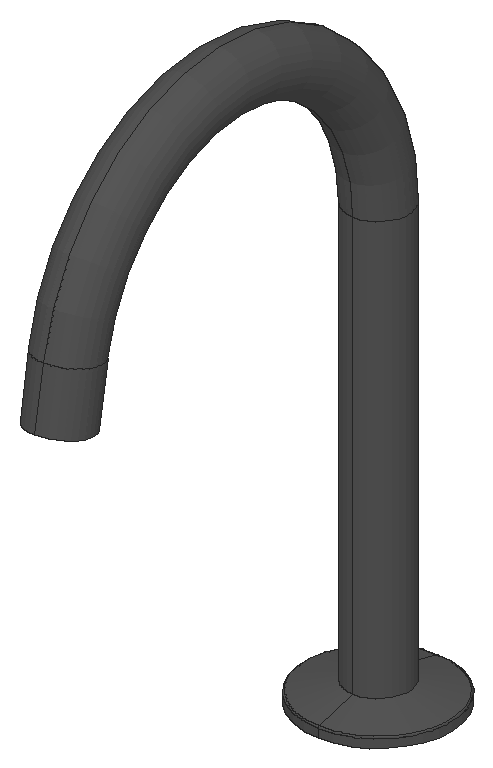
Revit family "Faucet-Lavatory-Spout-KOHLER-COMPONENTS-K-77967T_1", category Plumbing Fixtures, host Face, Revit 2017
Family settings
  Host = Face
  Round Connector Dimension = Use Diameter
  Part Type = Normal
  OmniClass Number = 23.31.11.00
  OmniClass Title = Faucets
  Cut with Voids When Loaded = No
  Shared = No
  Room Calculation Point = No
Parameters (values of type "BL-Matte_Black")
  Width = 2 3/8"  # constant formula
  Waste Water Outlet = "Waste Water Outlet"  # constant formula
  Waste Connection = 1 = 0  # no
  Vent Connection = 1 = 0  # no
  URL = "http://www.kohler.com.cn/"
  Type = 1
  Spout Reach = 6 5/16"  # constant formula
  Product Page URL = "https://www.kohler.com.cn/product/K-77967T-MU-BL/K-77967T-MU-BL/"
  Product Name = "COMPONENTS\r\n"  # constant formula
  Product Documentation Link = "https://files.kohler.com.cn/pdfs/1565148624807_1287329-2-C(77965T%2077966T%2023887T%2077967T%2077968T%2077969T%20%2077990T-4%20%2077990T-8&8MU%20%2077990T-9).pdf"
  Pressure = 0.00 psi
  Model = "K-77967T-MU-BL"  # constant formula
  Material = "Premium Metal Construction"  # constant formula
  MasterFormat 2004 = "22.41.39"  # constant formula
  MasterFormat 1995 = "15410"  # constant formula
  Manufacturer Address = "Kohler Beijing Office (100016)\n36-2-03-B, No. 88, Liuxiang Road, Beijing"  # constant formula
  Manufacturer = "KOHLER Co."  # constant formula
  Length = Spout Reach  # 6 5/16"
  Hot Water Inlet = "Tempered Water Inlet"  # constant formula
  Height = 10 11/16"  # constant formula
  HW Connection = 1 = 1  # yes
  Flow Rate = 0 GPM
  Finish = Kohler-Metal-BL-Matte_Black
  Environmental Product Declaration = ""
  Drain Included = 1 = 1  # yes
  Description = "Yi Ting 8-inch Basin Faucet-Curved Tube Spout (Manchester United Limited Edition)"  # constant formula
  Default Elevation = 36"
  Declare Label = ""
  Date Modified = "01/14/2021"  # constant formula
  Date Created = "01/14/2021"  # constant formula
  Copyright = "Copyright KOHLER Co."  # constant formula
  Contact Us = "http://www.kohler.com.cn/contact/contact-us/"
  Cold Water Inlet = "Cold Water Inlet"  # constant formula
  CW Connection = 1 = 0  # no
  Assembly Code = "D2010"
  ADA Compliant = 1 = 0  # no
Reference planes (in)
  plane 1 "Center (Front/Back)": y = 0
  plane 2: z = 0
  plane 3 "Center (Left/Right)": x = 0
  plane 4: x = -1.1875
  plane 5: x = 1.1875
  plane 6: y = -6.3125
  plane 7: z = 10.6875
  plane 8: y = 1.18111
  plane 9: y = -1.1811
  plane 10: y = -6.79723
  plane 11: z = 6.68754
  plane 12: z = 0.32403
  plane 13: z = 0.13933
Dimensions and locks (in)
  equal spacing: plane 4, plane 3 "Center (Left/Right)", plane 5
  "Width": plane 4 to plane 5
  "Length": plane 6 to plane 1 "Center (Front/Back)"  (x2)
  "Height": plane 7 to plane 2
  aligned and locked: plane 2 to host face
  aligned and locked: level to host face
Automatic sketch dimensions
  host sketch curve to host sketch curve = 96"  (x2)
Nested families (in)
  nested 1: "K-77967T" at (0, 0, 0), type "K-77967T"
Connectors (in)
  piping at (0, 0, 0), diameter 0.5, driven by "HW Connection", driven by "Hot Water Inlet"
    settings: on nested 1, index 1, connector inside diameter 24", connector length 0", flow factor 0, pipe flow 0 GPM, pressure drop 0.00 psi, fitting loss kfactor 0, connector angle 0.00°, fixture units 0, engagement length 0", angle of deflection 0.00°, flow configuration 0, flow direction 1, fitting loss method 0, system type 19, joint type 0, gender type 0, connector reference index -1, connector utility 1, adjustable connector no, is connector primary yes, connector description "Tempered Water Inlet"
Definition of nested family "K-77967T"
  Parameters (values of type "K-77967T")
    Material = none
  Reference planes (in)
    plane 1 "Center (Front/Back)": y = 0
    plane 2: z = 0
    plane 3 "Center (Left/Right)": x = 0
    plane 4: z = 10.6875
    plane 5: x = -1.1875
    plane 6: x = 1.1875
    plane 7: y = -6.3125
    plane 8: y = 1.18111
    plane 9: y = -1.1811
    plane 10: y = -6.79723
    plane 11: z = 6.68754
    plane 12: z = 0.13933
    plane 13: z = 0.32403
  Forms (in)
    Sweep 1, solid, material <- "Material", detail levels medium+fine
      path origin (0, 0, 0) x (0, 1, 0) y (0, 0, 1)
        loop
          line (0, 0.32403) -> (0, 7.09913)
          arc (0, 7.09913) -> (-2.82633, 10.18353) -> (-6.14532, 7.63678) r 3.09618
          line (-6.14532, 7.63678) -> (-6.3127, 6.68754)
      profile origin (0, 0, 0.32403) x (0, -1, 0) y (1, 0, 0)
        loop
          circle (0, 0) r 0.492
    Revolve 2, solid, material <- "Material", detail levels medium+fine
      sketch origin (0, 0, 0) x (0, 1, 0) y (0, 0, 1)
        loop
          line (0, 0) -> (1.18111, 0) -> (1.18111, 0.13926)
          arc (1.18111, 0.13926) -> (1.17614, 0.15359) -> (1.16338, 0.16177) r 0.02316
          line (1.16338, 0.16177) -> (0.4907, 0.32403) -> (0, 0.32403) -> (0, 0)
        axis (0, 0.32403) -> (0, 0)
      angle from 0 to 360
    Extrusion 3, solid, material <- "Material", detail levels coarse
      sketch origin (0, 0, 0) x (1, 0, 0) y (0, 1, 0)
        loop
          circle (0, 0) r 1.1811
      from 0 to 0.32403
    Sweep 4, solid, material <- "Material", detail levels coarse
      path origin (0, 0, 0) x (0, 1, 0) y (0, 0, 1)
        loop
          line (0, 0.32403) -> (0, 7.09913)
          arc (0, 7.09913) -> (-2.82633, 10.18353) -> (-6.14532, 7.63678) r 3.09618
          line (-6.14532, 7.63678) -> (-6.3127, 6.68754)
      profile origin (0, 0, 0.32403) x (0, -1, 0) y (1, 0, 0)
        loop
          circle (0, 0) r 0.5315
  Lines and regions (in)
    Masking region 1
      outline origin (0, 0, 0) x (0, 1, 0) y (0, 0, 1)
        loop
          line (1.18111, 0) -> (1.18111, 0.13933)
          arc (1.18111, 0.13933) -> (1.17617, 0.1536) -> (1.16346, 0.16175) r 0.02306
          line (1.16346, 0.16175) -> (0.49201, 0.32403) -> (0.49201, 7.09913)
          arc (0.49201, 7.09913) -> (-2.78345, 10.67366) -> (-6.62985, 7.72222) r 3.58819
          line (-6.62985, 7.72222) -> (-6.79723, 6.77297) -> (-5.82817, 6.6021) -> (-5.66079, 7.55135)
          arc (-5.66079, 7.55135) -> (-2.86921, 9.6934) -> (-0.49201, 7.09913) r 2.60418
          line (-0.49201, 7.09913) -> (-0.49201, 0.32403) -> (-1.16346, 0.16175)
          arc (-1.16346, 0.16175) -> (-1.17617, 0.1536) -> (-1.18111, 0.13933) r 0.02306
          line (-1.18111, 0.13933) -> (-1.18111, 0) -> (1.18111, 0)
    Masking region 2
      outline origin (0, 0, 0) x (1, 0, 0) y (0, 0, 1)
        loop
          line (-1.1875, 0) -> (1.1875, 0) -> (1.1875, 0.13933)
          arc (1.1875, 0.13933) -> (1.18256, 0.1536) -> (1.16986, 0.16175) r 0.02306
          line (1.16986, 0.16175) -> (0.49201, 0.32558) -> (0.49201, 10.19549)
          arc (0.49201, 10.19549) -> (0, 10.6875) -> (-0.49201, 10.19549) r 0.49201
          line (-0.49201, 10.19549) -> (-0.49201, 0.32558) -> (-1.16986, 0.16175)
          arc (-1.16986, 0.16175) -> (-1.18256, 0.1536) -> (-1.1875, 0.13933) r 0.02306
          line (-1.1875, 0.13933) -> (-1.1875, 0)
    Masking region 3
      outline origin (0, 0, 0) x (1, 0, 0) y (0, 1, 0)
        loop
          arc (0.492, -1.07374) -> (0, 1.19454) -> (-0.492, -1.07374) r 1.1875
          line (-0.492, -1.07374) -> (-0.492, -6.31248)
          spline (-0.492, -6.31248) -> (-0.47524, -6.43789) -> (-0.42609, -6.55475) -> (-0.3479, -6.6551) -> (-0.246, -6.7321) -> (-0.12734, -6.7805) -> (0, -6.79701) -> (0.12734, -6.7805) -> (0.246, -6.7321) -> (0.3479, -6.6551) -> (0.42609, -6.55475) -> (0.47524, -6.43789) -> (0.492, -6.31248)
          line (0.492, -6.31248) -> (0.492, -1.07374)
    symbolic lines, detail levels medium+fine
      curve 1: spline (0, 0.49201, 0.32403) -> (0, 0.47524, 0.32368) -> (0, 0.42609, 0.32336) -> (0, 0.3479, 0.32308) -> (0, 0.246, 0.32286) -> (0, 0.12734, 0.32273) -> (0, 0, 0.32268) -> (0, -0.12734, 0.32273) -> (0, -0.246, 0.32286) -> (0, -0.3479, 0.32308) -> (0, -0.42609, 0.32336) -> (0, -0.47524, 0.32368) -> (0, -0.49201, 0.32403)
      curve 2: line (-0.492, 0, 0.32268) -> (0.49201, 0, 0.32403)
      curve 3: arc (-0.492, 0, 0) -> (0, 0.492, 0) -> (0.492, 0, 0) r 0.492
      curve 4: line (-0.492, -1.07374, 0) -> (-0.492, 0, 0)
      curve 5: line (0.492, -1.07374, 0) -> (0.492, 0, 0)
      curve 6: spline (-0.492, 0, 6.68754) -> (-0.47524, 0, 6.66542) -> (-0.42609, 0, 6.64482) -> (-0.3479, 0, 6.62712) -> (-0.246, 0, 6.61355) -> (-0.12734, 0, 6.60501) -> (0, 0, 6.6021) -> (0.12734, 0, 6.60501) -> (0.246, 0, 6.61355) -> (0.3479, 0, 6.62712) -> (0.42609, 0, 6.64482) -> (0.47524, 0, 6.66542) -> (0.492, 0, 6.68754) -> (0.47524, 0, 6.70965) -> (0.42609, 0, 6.73025) -> (0.3479, 0, 6.74795) -> (0.246, 0, 6.76153) -> (0.12734, 0, 6.77006) -> (0, 0, 6.77297) -> (-0.12734, 0, 6.77006) -> (-0.246, 0, 6.76153) -> (-0.3479, 0, 6.74795) -> (-0.42609, 0, 6.73025) -> (-0.47524, 0, 6.70965) -> (-0.492, 0, 6.68754)
      curve 7: line (0, 1.18111, 0.13933) -> (0, -1.18111, 0.13933)
      curve 8: line (-1.1875, 0, 0.13933) -> (1.1875, 0, 0.13933)
  Dimensions and locks (in)
    plane 1 "Center (Front/Back)" to plane 7 = 6 5/16"
    plane 4 to plane 2 = 10 11/16"
    aligned and locked: plane 2 to level
